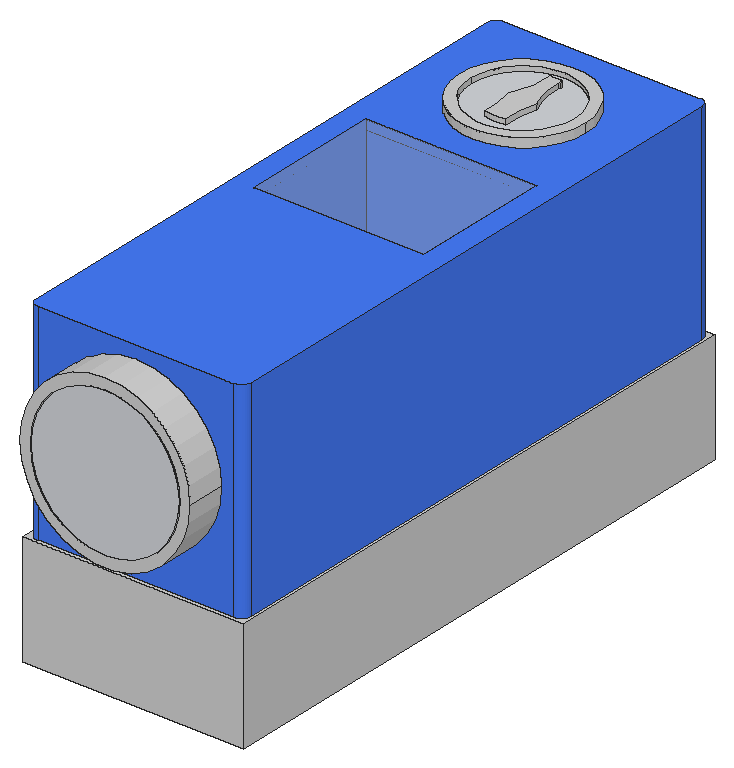
Revit family "Building-IEC309Connections-GEWISS-66IB-INTERLOCKED-SOCKET-OUTLETS-HD_IP66_WITH_BOTTOM_MOD", category Apparecchi elettrici, host Superficie, Revit 2019
Family settings
  Host = Superficie
  Mantenere orientamento annotazione = Sì
  Quota connettore circolare = Usa diametro
  Tipo di parte = Normale
  Taglio con vuoti quando caricato = Sì
  Condiviso = Sì
  Punto di calcolo locali = Sì
Parameters (values of type "GW66996 - I.SOCKET IP66 W.B.3P+E 32A 380V 3H M.D")
  volt = 0 V
  vetro = Default - Vetro
  presa = Grigio RAL - 7035
  n_poli = 1
  giallo = 0 mm
  dist_piano [instance] = 0 mm
  Working temperature = "-25 ÷ +40 °C"
  With back-mounting box = "Yes"
  Vista_2d_pianta [instance] = yes
  Version file RFA = "21.4"
  URL = "https://www.gewiss.com/ww/en"
  Typology = "Vertical"
  Type of use = "Heavy duty"
  Thermo-pressure with ball = "80 °C"
  Technical sheet = "https://www.gewiss.com/ww/en/search?q=GW66996"
  Struttura = Grigio RAL - 7035
  Simbolo presa = PRESAINDSTAGNA : 3P
  Simbolo [instance] = no
  Simb_circuito [instance] = not(Simbolo)  # yes
  Shock resistance = "> IK10"
  SEO = "Socket outlet"
  Reference h = "3"
  Realized by GEWISS S.p.A. = ""
  Rated voltage = "380-440V"
  Rated frequency (Hz) = "50/60 Hz"
  Rated current (In) = "32"
  Rated current (A) = "32"
  Protection = "Suitable for modular apps. (6M)"
  Default Elevation = 1219.2 mm
  Produttore = "GEWISS S.p.A."
  Operating temperature: = "-25 +40 °C"
  Number of poles = "3P+E"
  No. of poles = "3P+E"
  Modello = "GW66996"
  Impact resistance at -20 Â°C = "20J"
  Immagine tipo = P.jpg
  IP degree = "IP66"
  IDT = "36f26d0b-1d1d-4264-adab-7a637a1285dc"
  IDF = "24d74994-0ea8-4b8f-ac73-b070467ae3ef"
  Glow wire test: = "850 °C"
  Glow Wire Test = "850 °C"
  Frequency = "50/60 Hz"
  Electrocod = "2222"
  EAN code = "8011564074576"
  Distanza x [instance] = 500 mm
  Distanza orizzontale simbolo [instance] = 0 mm
  Distanza effettiva x [instance] = 1500 mm - Distanza x  # 1000 mm
  Descrizione = "I.SOCKET IP66 W.B.3P+E 32A 380V 3H M.D"
  Corpo presa = Light Blue
  Cornice simbolo [instance] = yes
  Colour: = "Red"
  Colour = "Red"
  Catalogue Range = "66 IB"
  Catalogue = "BUILDING"
  COBie.Tagnumber = ""
  COBie.CreatedOn = ""
  COBie.CreatebBy = ""
  COBie.ComponentRegisterItemID = ""
  COBie.Component.TagNumber = ""
  COBie.Component.Space = ""
  COBie.Component.SerialNumber = ""
  COBie.Component.InstallationDate = ""
  COBie.Component.Description = ""
  COBie.Component.BarCode = ""
Types (34, lengths in mm): name | Technical sheet | Reference h | Rated voltage | Rated current (In) | Rated current (A) | Number of poles | No. of poles | Modello | IDT | EAN code | Descrizione | Colour: | Colour
  GW66974 - I.SOCKET IP66 W.B.2P+E 16A 110V 4H M.D | "https://www.gewiss.com/ww/en/search?q=GW66974" | "4" | "100-130V" | "16" | "16" | "2P+E" | "2P+E" | "GW66974" | "08b205ea-2e7e-487f-822b-4f188cd9e3b1" | "8011564074255" | "I.SOCKET IP66 W.B.2P+E 16A 110V 4H M.D" | "Yellow" | "Yellow"
  GW66975 - I.SOCKET IP66 W.B.3P+E 16A 110V 4H M.D | "https://www.gewiss.com/ww/en/search?q=GW66975" | "4" | "100-130V" | "16" | "16" | "3P+E" | "3P+E" | "GW66975" | "d01ae3a1-a303-4ecb-a038-376fb09d0159" | "8011564074286" | "I.SOCKET IP66 W.B.3P+E 16A 110V 4H M.D" | "Yellow" | "Yellow"
  GW66976 - I.SOCKET IP66 W.B.3P+N+E 16A 110V 4H M.D | "https://www.gewiss.com/ww/en/search?q=GW66976" | "4" | "100-130V" | "16" | "16" | "3P+N+E" | "3P+N+E" | "GW66976" | "f3f330ef-9319-4f09-a519-1bd68ccd7a2d" | "8011564074309" | "I.SOCKET IP66 W.B.3P+N+E 16A 110V 4H M.D" | "Yellow" | "Yellow"
  GW66977 - I.SOCKET IP66 W.B.2P+E 16A 230V 6H M.D | "https://www.gewiss.com/ww/en/search?q=GW66977" | "6" | "200-250V" | "16" | "16" | "2P+E" | "2P+E" | "GW66977" | "0cb269c0-6ba5-494f-9f28-64f0ff7173ba" | "8011564074323" | "I.SOCKET IP66 W.B.2P+E 16A 230V 6H M.D" | "Blue" | "Blue"
  GW66978 - I.SOCKET IP66 W.B.3P+E 16A 230V 9H M.D | "https://www.gewiss.com/ww/en/search?q=GW66978" | "9" | "200-250V" | "16" | "16" | "3P+E" | "3P+E" | "GW66978" | "e833b2b1-5028-4a56-80da-a03921cb1113" | "8011564074347" | "I.SOCKET IP66 W.B.3P+E 16A 230V 9H M.D" | "Blue" | "Blue"
  GW66979 - I.SOCKET IP66 W.B.3P+N+E 16A 230V 9H M.D | "https://www.gewiss.com/ww/en/search?q=GW66979" | "9" | "200-250V" | "16" | "16" | "3P+N+E" | "3P+N+E" | "GW66979" | "679b90f0-3e6b-4f2a-a97f-5a3800988bb9" | "8011564074361" | "I.SOCKET IP66 W.B.3P+N+E 16A 230V 9H M.D" | "Blue" | "Blue"
  GW66980 - I.SOCKET IP66 W.B.2P+E 16A 400V 9H M.D | "https://www.gewiss.com/ww/en/search?q=GW66980" | "9" | "380-415V" | "16" | "16" | "2P+E" | "2P+E" | "GW66980" | "582f2ed5-a5cd-4735-bce5-f150eb3f9465" | "8011564074378" | "I.SOCKET IP66 W.B.2P+E 16A 400V 9H M.D" | "Red" | "Red"
  GW66981 - I.SOCKET IP66 W.B.3P+E 16A 400V 6H M.D | "https://www.gewiss.com/ww/en/search?q=GW66981" | "6" | "380-415V" | "16" | "16" | "3P+E" | "3P+E" | "GW66981" | "2ea588cc-cbfb-4aac-8a3f-623707701ec5" | "8011564074392" | "I.SOCKET IP66 W.B.3P+E 16A 400V 6H M.D" | "Red" | "Red"
  GW66982 - I.SOCKET IP66 W.B.3P+N+E 16A 400V 6H M.D | "https://www.gewiss.com/ww/en/search?q=GW66982" | "6" | "380-415V" | "16" | "16" | "3P+N+E" | "3P+N+E" | "GW66982" | "192d0f5f-767a-47bf-bda9-9ea6bd9dde45" | "8011564074415" | "I.SOCKET IP66 W.B.3P+N+E 16A 400V 6H M.D" | "Red" | "Red"
  GW66983 - I.SOCKET IP66 W.B.3P+E 16A 500V 7H M.D | "https://www.gewiss.com/ww/en/search?q=GW66983" | "7" | "480-500V" | "16" | "16" | "3P+E" | "3P+E" | "GW66983" | "9a2b648c-12f1-428a-bdf5-76788138ac0d" | "8011564074439" | "I.SOCKET IP66 W.B.3P+E 16A 500V 7H M.D" | "Black" | "Black"
  GW66984 - I.SOCKET IP66 W.B.3P+N+E 16A 500V 7H M.D | "https://www.gewiss.com/ww/en/search?q=GW66984" | "7" | "480-500V" | "16" | "16" | "3P+N+E" | "3P+N+E" | "GW66984" | "ba485b69-e735-44c4-a210-da673bb78813" | "8011564074453" | "I.SOCKET IP66 W.B.3P+N+E 16A 500V 7H M.D" | "Black" | "Black"
  GW66985 - I.SOCKET IP66 W.B.2P+E 32A 110V 4H M.D | "https://www.gewiss.com/ww/en/search?q=GW66985" | "4" | "100-130V" | "32" | "32" | "2P+E" | "2P+E" | "GW66985" | "03874a7a-3aff-4dde-bab3-5d288d287e6d" | "8011564074460" | "I.SOCKET IP66 W.B.2P+E 32A 110V 4H M.D" | "Yellow" | "Yellow"
  GW66986 - I.SOCKET IP66 W.B.3P+E 32A 110V 4H M.D | "https://www.gewiss.com/ww/en/search?q=GW66986" | "4" | "100-130V" | "32" | "32" | "3P+E" | "3P+E" | "GW66986" | "185d7795-b09c-4809-80d1-09ad44e3a7e3" | "8011564074477" | "I.SOCKET IP66 W.B.3P+E 32A 110V 4H M.D" | "Yellow" | "Yellow"
  GW66987 - I.SOCKET IP66 W.B.3P+N+E 32A 110V 4H M.D | "https://www.gewiss.com/ww/en/search?q=GW66987" | "4" | "100-130V" | "32" | "32" | "3P+N+E" | "3P+N+E" | "GW66987" | "cf6b0cdc-9887-481b-94a6-c70383e61d77" | "8011564074484" | "I.SOCKET IP66 W.B.3P+N+E 32A 110V 4H M.D" | "Yellow" | "Yellow"
  GW66988 - I.SOCKET IP66 W.B.2P+E 32A 230V 6H M.D | "https://www.gewiss.com/ww/en/search?q=GW66988" | "6" | "200-250V" | "32" | "32" | "2P+E" | "2P+E" | "GW66988" | "266de435-658e-4453-87f9-5740f768d2bb" | "8011564074491" | "I.SOCKET IP66 W.B.2P+E 32A 230V 6H M.D" | "Blue" | "Blue"
  GW66989 - I.SOCKET IP66 W.B.3P+E 32A 230V 9H M.D | "https://www.gewiss.com/ww/en/search?q=GW66989" | "9" | "200-250V" | "32" | "32" | "3P+E" | "3P+E" | "GW66989" | "99b8ad80-d3be-4ff0-961d-42c51e5615d2" | "8011564074507" | "I.SOCKET IP66 W.B.3P+E 32A 230V 9H M.D" | "Blue" | "Blue"
  GW66990 - I.SOCKET IP66 W.B.3P+N+E 32A 230V 9H M.D | "https://www.gewiss.com/ww/en/search?q=GW66990" | "9" | "200-250V" | "32" | "32" | "3P+N+E" | "3P+N+E" | "GW66990" | "78f294ba-a3a3-40a8-8935-13e2f8d12972" | "8011564074514" | "I.SOCKET IP66 W.B.3P+N+E 32A 230V 9H M.D" | "Blue" | "Blue"
  GW66991 - I.SOCKET IP66 W.B.2P+E 32A 400V 9H M.D | "https://www.gewiss.com/ww/en/search?q=GW66991" | "9" | "380-415V" | "32" | "32" | "2P+E" | "2P+E" | "GW66991" | "a62a99a2-2ddc-4c3f-ace8-0eb3d0f628a4" | "8011564074521" | "I.SOCKET IP66 W.B.2P+E 32A 400V 9H M.D" | "Red" | "Red"
  GW66992 - I.SOCKET IP66 W.B.3P+E 32A 400V 6H M.D | "https://www.gewiss.com/ww/en/search?q=GW66992" | "6" | "380-415V" | "32" | "32" | "3P+E" | "3P+E" | "GW66992" | "47b25866-07b7-4c2c-9ac0-23b2f5bd138f" | "8011564074538" | "I.SOCKET IP66 W.B.3P+E 32A 400V 6H M.D" | "Red" | "Red"
  GW66993 - I.SOCKET IP66 W.B.3P+N+E 32A 400V 6H M.D | "https://www.gewiss.com/ww/en/search?q=GW66993" | "6" | "380-415V" | "32" | "32" | "3P+N+E" | "3P+N+E" | "GW66993" | "a697eaae-6394-427c-bb41-59308f388dae" | "8011564074545" | "I.SOCKET IP66 W.B.3P+N+E 32A 400V 6H M.D" | "Red" | "Red"
  GW66994 - I.SOCKET IP66 W.B.3P+E 32A 500V 7H M.D | "https://www.gewiss.com/ww/en/search?q=GW66994" | "7" | "480-500V" | "32" | "32" | "3P+E" | "3P+E" | "GW66994" | "09554a74-fb5b-416f-883d-9be281655686" | "8011564074552" | "I.SOCKET IP66 W.B.3P+E 32A 500V 7H M.D" | "Black" | "Black"
  GW66995 - I.SOCKET IP66 W.B.3P+N+E 32A 500V 7H M.D | "https://www.gewiss.com/ww/en/search?q=GW66995" | "7" | "480-500V" | "32" | "32" | "3P+N+E" | "3P+N+E" | "GW66995" | "92f55f58-4e31-46eb-8480-01bcdf3f80de" | "8011564074569" | "I.SOCKET IP66 W.B.3P+N+E 32A 500V 7H M.D" | "Black" | "Black"
  GW66996 - I.SOCKET IP66 W.B.3P+E 32A 380V 3H M.D | "https://www.gewiss.com/ww/en/search?q=GW66996" | "3" | "380-440V" | "32" | "32" | "3P+E" | "3P+E" | "GW66996" | "36f26d0b-1d1d-4264-adab-7a637a1285dc" | "8011564074576" | "I.SOCKET IP66 W.B.3P+E 32A 380V 3H M.D" | "Red" | "Red"
  GW66866 - I.SOCKET IP66 W.B.2P+E 63A 110V 4H M.D | "https://www.gewiss.com/ww/en/search?q=GW66866" | "4" | "100-130V" | "63" | "63" | "2P+E" | "2P+E" | "GW66866" | "303355d0-cf38-47a3-a1ae-8a44fb8bf22f" | "8011564067479" | "I.SOCKET IP66 W.B.2P+E 63A 110V 4H M.D" | "Yellow" | "Yellow"
  GW66867 - I.SOCKET IP66 W.B.3P+E 63A 110V 4H M.D | "https://www.gewiss.com/ww/en/search?q=GW66867" | "4" | "100-130V" | "63" | "63" | "3P+E" | "3P+E" | "GW66867" | "b7ccdc4d-8d7e-41dd-b714-8d70a4305df5" | "8011564067486" | "I.SOCKET IP66 W.B.3P+E 63A 110V 4H M.D" | "Yellow" | "Yellow"
  GW66868 - I.SOCKET IP66 W.B.3P+N+E 63A 110V 4H M.D | "https://www.gewiss.com/ww/en/search?q=GW66868" | "4" | "100-130V" | "63" | "63" | "3P+N+E" | "3P+N+E" | "GW66868" | "05f092d1-ab11-4f9d-be56-0147e050398c" | "8011564067493" | "I.SOCKET IP66 W.B.3P+N+E 63A 110V 4H M.D" | "Yellow" | "Yellow"
  GW66869 - I.SOCKET IP66 W.B.2P+E 63A 230V 6H M.D | "https://www.gewiss.com/ww/en/search?q=GW66869" | "6" | "200-250V" | "63" | "63" | "2P+E" | "2P+E" | "GW66869" | "c554d55b-f100-44f4-bb13-7d9d56e4eded" | "8011564067509" | "I.SOCKET IP66 W.B.2P+E 63A 230V 6H M.D" | "Blue" | "Blue"
  GW66870 - I.SOCKET IP66 W.B.3P+E 63A 230V 9H M.D | "https://www.gewiss.com/ww/en/search?q=GW66870" | "9" | "200-250V" | "63" | "63" | "3P+E" | "3P+E" | "GW66870" | "52b39002-d841-4e22-8601-8b9fef486832" | "8011564067516" | "I.SOCKET IP66 W.B.3P+E 63A 230V 9H M.D" | "Blue" | "Blue"
  GW66871 - I.SOCKET IP66 W.B.3P+N+E 63A 230V 9H M.D | "https://www.gewiss.com/ww/en/search?q=GW66871" | "9" | "200-250V" | "63" | "63" | "3P+N+E" | "3P+N+E" | "GW66871" | "5512ebd7-399b-4556-9ac3-65fac533f648" | "8011564067523" | "I.SOCKET IP66 W.B.3P+N+E 63A 230V 9H M.D" | "Blue" | "Blue"
  GW66872 - I.SOCKET IP66 W.B.2P+E 63A 400V 6H M.D | "https://www.gewiss.com/ww/en/search?q=GW66872" | "9" | "380-415V" | "63" | "63" | "2P+E" | "2P+E" | "GW66872" | "b55304b8-86f4-4085-8eaa-ce4be1e750a2" | "8011564067530" | "I.SOCKET IP66 W.B.2P+E 63A 400V 6H M.D" | "Red" | "Red"
  GW66873 - I.SOCKET IP66 W.B.3P+E 63A 400V 6H M.D | "https://www.gewiss.com/ww/en/search?q=GW66873" | "6" | "380-415V" | "63" | "63" | "3P+E" | "3P+E" | "GW66873" | "03adb62b-1649-4be8-83db-d9f9696d3895" | "8011564067554" | "I.SOCKET IP66 W.B.3P+E 63A 400V 6H M.D" | "Red" | "Red"
  GW66874 - I.SOCKET IP66 W.B.3P+N+E 63A 400V 6H M.D | "https://www.gewiss.com/ww/en/search?q=GW66874" | "6" | "380-415V" | "63" | "63" | "3P+N+E" | "3P+N+E" | "GW66874" | "456db83d-6b3d-4b8c-a591-cf1e2d86a527" | "8011564067578" | "I.SOCKET IP66 W.B.3P+N+E 63A 400V 6H M.D" | "Red" | "Red"
  GW66875 - I.SOCKET IP66 W.B.3P+E 63A 500V 7H M.D | "https://www.gewiss.com/ww/en/search?q=GW66875" | "7" | "480-500V" | "63" | "63" | "3P+E" | "3P+E" | "GW66875" | "084f0b06-bde3-4021-9015-ef18884325c6" | "8011564067592" | "I.SOCKET IP66 W.B.3P+E 63A 500V 7H M.D" | "Black" | "Black"
  GW66876 - I.SOCKET IP66 W.B.3P+N+E 63A 500V 7H M.D | "https://www.gewiss.com/ww/en/search?q=GW66876" | "7" | "480-500V" | "63" | "63" | "3P+N+E" | "3P+N+E" | "GW66876" | "9d8ce14a-7fb8-450f-bb9e-744a01970745" | "8011564067608" | "I.SOCKET IP66 W.B.3P+N+E 63A 500V 7H M.D" | "Black" | "Black"
Reference planes
  plane 1 "Centro (Fronte/Retro)": y = 0
  plane 2: z = 0
  plane 3 "Centro (Sinistra/Destra)": x = 0
  plane 4: z = -2
  plane 5: x = -500
  plane 6: x = -1500
  plane 7: x = -500
  plane 8: through (-170.762, -4572, -38.353) normal (-0.6157, 0, 0.788)
  plane 9: x = -51.152
  plane 10: x = 53.222
  plane 11: z = -2
  plane 12: x = -74
  plane 13: x = 74
  plane 14: y = 392
  plane 15: y = -2
Forms (mm)
  Extrusion 1, solid, material "Grigio RAL - 7035" <- "Struttura"
    sketch origin (0, 0, 0) x (1, 0, 0) y (0, 1, 0)
      loop
        line (-74, 392) -> (-74, -2) -> (74, -2) -> (74, 392) -> (-74, 392)
    from -2 to 73
Lines and regions (mm)
  Masking region 1, visible <- "Vista_2d_pianta"
    outline origin (0, 0, 0) x (1, 0, 0) y (0, 0, 1)
  Masking region 2, visible <- "Vista_2d_pianta"
    outline origin (0, 0, 0) x (1, 0, 0) y (0, 0, 1)
      loop
        line (-74, 0) -> (74, 0) -> (74, 219) -> (-74, 219) -> (-74, 0)
Dimensions and locks
  locked: plane 2 to plane 4 at 2
  "Distanza effettiva x": plane 5 to plane 6
  plane 3 "Centro (Sinistra/Destra)" to plane 6 = 1500 mm
  plane 6 to plane 5 = 1000 mm
  "Distanza effettiva x": plane 6 to plane 7
  locked: plane 15 to plane 1 "Centro (Fronte/Retro)" at 2
  locked: plane 12 to nested 1 at 2
  locked: nested 1 to plane 13 at 2
  locked: plane 14 to nested 1 at 2
  locked: Extrusion 1 to plane 11 at 75
  "dist_piano": plane 11 to plane 4
  angle plane 8 to plane 4 = 142.00°
  angle plane 7 to plane 8 = 128.00°
  aligned and locked: plane 2 to host face
  aligned and locked: level to host face
  aligned and locked: plane 3 "Centro (Sinistra/Destra)" to nested 1
  aligned and locked: plane 7 to nested 2
  aligned and locked: plane 7 to nested 3
  aligned and locked: Extrusion 1 sketch curve to plane 12
  aligned and locked: Extrusion 1 sketch curve to plane 14
  aligned and locked: Extrusion 1 sketch curve to plane 13
  aligned and locked: Extrusion 1 sketch curve to plane 15
  aligned and locked: Extrusion 1 to nested 1
  aligned and locked: Extrusion 1 to plane 11
  aligned and locked: Masking region 2 to plane 12
  aligned and locked: plane 13 to Masking region 2
  aligned and locked: Masking region 2 to level
  aligned and locked: Masking region 2 to nested 1
Automatic sketch dimensions
  host sketch curve to host sketch curve = 2438.4 mm  (x2)
  Masking region 2 sketch curve to plane 10 = 20.778 mm
  plane 9 to Masking region 2 sketch curve = 22.848 mm
  level to Masking region 2 sketch curve = 0 mm
  Masking region 2 sketch curve to Masking region 2 sketch curve = 219 mm
Nested families
  nested 1: "GW66866_master" at (0, 0, -2), type "GW66866_master", detail levels medium+fine
  nested 2: "simbolo_circuito" at (-500, 30.442, 0), Distanza dal muro <- "Distanza orizzontale simbolo", SIMBOLO ACCESO <- "Simb_circuito", type "3P"
    with SIMBOLO ACCESO yes, Distanza dal muro 0 mm, BORDO ACCESO yes
  nested 3: "PRESAINDSTAGNA" at (-500, 23.722, 0), Distanza dal muro <- "Distanza orizzontale simbolo", SIMBOLO ACCESO <- "Simbolo", type "3P"
    with SIMBOLO ACCESO no, Distanza dal muro 0 mm, BORDO ACCESO yes
Connectors
  electrical at (0, -26, 147.929), driven by "n_poli", driven by "volt"
    settings: on nested 1, index 1, voltage 0 V, apparent load 0 VA, apparent load phase1 0 VA, apparent load phase2 0 VA, apparent load phase3 0 VA, power factor 1, load classification "Altro", number of poles 1, system type 31, power factor state 1, is connector primary yes, connector utility no, sub classification motor no, connector description ""
Definition of nested family "GW66866_master"
  Parameters (values of type "GW66866_master")
    w = 144 mm
    d_piano = 75 mm
    corpo presa = none
    Vetro = none
    Struttura = none
    Spessore = 30 mm
    Raggio = 40 mm
    Default Elevation = 14 mm
    Presa = none
    Lunghezza = 103 mm
    IFC.TypeObject = ""
    IFC.ExportType = ""
    IFC.ExportAs = ""
    H_da terra = 586.883 mm
    COBie.CreatedOn = ""
    COBie.CreatebBy = ""
    COBie.ComponentRegisterItemID = ""
    COBie.Component.TagNumber = ""
    COBie.Component.Space = ""
    COBie.Component.SerialNumber = ""
    COBie.Component.InstallationDate = ""
    COBie.Component.Description = ""
    COBie.Component.BarCode = ""
    Altezza = 390 mm
  Reference planes
    plane 1 "Centro (Fronte/Retro)": y = 0
    plane 2: z = 0
    plane 3 "Centro (Sinistra/Destra)": x = 0
    plane 4 "presa": z = 231
    plane 5: z = 221
    plane 6: z = 215
    plane 7: x = -72
    plane 8: x = 72
    plane 9: y = 390
    plane 10: y = 0
    plane 11: y = 324
    plane 12: z = 218
    plane 13: y = 217
    plane 14: x = -57
    plane 15: x = 57
    plane 16: y = 264
    plane 17: y = 170
    plane 18: z = 84.858
    plane 19: z = 208.562
    plane 20: z = 75
    plane 21: z = 149.929
    plane 22 "presa fronte": y = -26
  Forms (mm)
    Extrusion 1, solid, material <- "Struttura"
      sketch origin (0, -427.104, -30) x (1, 0, 0) y (0, 1, 0)
        loop
          circle (0, 751.104) r 34.75
        loop
          circle (0, 751.104) r 42.079
      from 245 to 251
    Extrusion 2, solid, material <- "Struttura"
      sketch origin (0, -427.104, -30) x (1, 0, 0) y (0, 1, 0)
        loop
          arc (-9.552, 750.899) -> (-7.429, 739.645) -> (-7.314, 728.193) r 64.983
          arc (-7.314, 728.193) -> (-0.131, 727.067) -> (7.064, 728.115) r 24.316
          arc (7.064, 728.115) -> (7.302, 739.566) -> (9.547, 750.796) r 64.983
          arc (9.547, 750.796) -> (5.519, 762.425) -> (4.215, 774.661) r 54.251
          line (4.215, 774.661) -> (4.25, 777.658)
          arc (4.25, 777.658) -> (3.985, 778.329) -> (3.336, 778.647) r 1
          arc (3.336, 778.647) -> (0.147, 778.794) -> (-3.043, 778.682) r 39.364
          arc (-3.043, 778.682) -> (-3.695, 778.371) -> (-3.967, 777.702) r 1
          line (-3.967, 777.702) -> (-3.964, 774.706)
          arc (-3.964, 774.706) -> (-5.4, 762.483) -> (-9.552, 750.899) r 54.251
      from 245 to 251
    Extrusion 3, solid, material <- "corpo presa"
      sketch origin (-2.5, -699.604, -30) x (1, 0, 0) y (0, 1, 0)
        loop
          arc (74.5, 1083.298) -> (72.653, 1087.757) -> (68.194, 1089.604) r 6.306
          line (68.194, 1089.604) -> (-63.194, 1089.604)
          arc (-63.194, 1089.604) -> (-67.653, 1087.757) -> (-69.5, 1083.298) r 6.306
          line (-69.5, 1083.298) -> (-69.5, 706.118)
          arc (-69.5, 706.118) -> (-67.592, 701.512) -> (-62.985, 699.604) r 6.515
          line (-62.985, 699.604) -> (67.985, 699.604)
          arc (67.985, 699.604) -> (72.592, 701.512) -> (74.5, 706.118) r 6.515
          line (74.5, 706.118) -> (74.5, 1083.298)
      from 105 to 245
    Extrusion 4, solid
      sketch origin (0, 0, 231) x (0, -1, 0) y (1, 0, 0)
        loop
          circle (-324, 0) r 34.75
      from -16 to -13
    Extrusion 5, void
      sketch origin (0, 0, 231) x (0, -1, 0) y (1, 0, 0)
        loop
          line (-170, -57) -> (-170, 57) -> (-264, 57) -> (-264, -57) -> (-170, -57)
      from -146.142 to -16
    Extrusion 6, solid, material <- "Vetro"
      sketch origin (0, 0, 231) x (0, -1, 0) y (1, 0, 0)
        loop
          line (-170, -57) -> (-170, 57) -> (-264, 57) -> (-264, -57) -> (-170, -57)
      from -22.438 to -16
    Extrusion 7, solid, material <- "Presa"
      sketch origin (0, 0, 0) x (1, 0, 0) y (0, 0, 1)
        loop
          circle (0, 149.929) r 57
        loop
          circle (0, 149.929) r 50
      from 0 to 26
    Extrusion 8, solid
      sketch origin (0, 0, 0) x (1, 0, 0) y (0, 0, 1)
        loop
          circle (0, 149.929) r 50
      from 0 to 26
  Cuts and joins
    Extrusion 5 cuts Extrusion 3
  Lines and regions (mm)
    symbolic lines
      curve 1: line (0, -26, 199.929) -> (0, -26, 99.929)
      curve 2: line (50, -26, 149.929) -> (-50, -26, 149.929)
  Dimensions and locks
    locked: plane 5 to plane 4 "presa" at 10
    locked: plane 6 to plane 5 at 6
    equal spacing: plane 7, plane 3 "Centro (Sinistra/Destra)", plane 8
    "w": plane 7 to plane 8
    "Altezza": plane 1 "Centro (Fronte/Retro)" to plane 9
    locked: plane 9 to plane 11 at 66
    locked: plane 12 to plane 6 at 3
    locked: plane 9 to plane 13 at 173
    equal spacing: plane 14, plane 3 "Centro (Sinistra/Destra)", plane 15
    plane 14 to plane 15 = 114 mm
    equal spacing: plane 16, plane 13, plane 17
    locked: plane 16 to plane 17 at 94
    locked: plane 6 to plane 19 at 6.438
    plane 6 to plane 20 = 140 mm
    "d_piano": plane 20 to level
    locked: plane 18 to plane 20 at 9.858
    locked: plane 22 "presa fronte" to plane 10 at 26
    diameter of Extrusion 1 sketch curve = 69.5 mm
    radius of Extrusion 4 sketch curve = 34.75 mm
    aligned and locked: level to plane 2
    aligned and locked: Extrusion 1 to Extrusion 3
    aligned and locked: Extrusion 2 to Extrusion 1
    aligned and locked: Extrusion 1 to Extrusion 2
    aligned and locked: Extrusion 3 to plane 6
    aligned and locked: Extrusion 1 to plane 5
    aligned and locked: Extrusion 3 sketch curve to plane 7
    aligned and locked: Extrusion 3 sketch curve to plane 8
    aligned and locked: Extrusion 3 sketch curve to plane 9
    aligned and locked: plane 10 to Extrusion 3 sketch curve
    aligned and locked: plane 10 to plane 1 "Centro (Fronte/Retro)"
    aligned and locked: plane 11 to Extrusion 1 sketch curve
    aligned and locked: plane 3 "Centro (Sinistra/Destra)" to Extrusion 1 sketch curve
    aligned and locked: plane 3 "Centro (Sinistra/Destra)" to Extrusion 4 sketch curve
    aligned and locked: plane 11 to Extrusion 4 sketch curve
    aligned and locked: plane 6 to Extrusion 4
    aligned and locked: plane 12 to Extrusion 4
    aligned and locked: Extrusion 5 sketch curve to plane 14
    aligned and locked: Extrusion 5 sketch curve to plane 17
    aligned and locked: Extrusion 5 sketch curve to plane 15
    aligned and locked: Extrusion 5 sketch curve to plane 16
    aligned and locked: Extrusion 5 to plane 18
    aligned and locked: Extrusion 5 to plane 6
    aligned and locked: Extrusion 6 sketch curve to plane 14
    aligned and locked: Extrusion 6 sketch curve to plane 17
    aligned and locked: Extrusion 6 sketch curve to plane 16
    aligned and locked: Extrusion 6 sketch curve to plane 15
    aligned and locked: Extrusion 6 to plane 19
    aligned and locked: Extrusion 6 to plane 6
    aligned and locked: plane 20 to cut or joined group of Extrusion 3, Extrusion 5
    aligned and locked: plane 3 "Centro (Sinistra/Destra)" to Extrusion 7 sketch curve
    aligned and locked: plane 21 to Extrusion 7 sketch curve
    aligned and locked: Extrusion 7 to plane 22 "presa fronte"
    aligned and locked: plane 3 "Centro (Sinistra/Destra)" to Extrusion 8 sketch curve
    aligned and locked: plane 21 to Extrusion 8 sketch curve
    aligned and locked: Extrusion 8 to plane 1 "Centro (Fronte/Retro)"
    aligned and locked: Extrusion 8 to plane 22 "presa fronte"
    aligned and locked: plane 3 "Centro (Sinistra/Destra)" to curve 1
    aligned and locked: curve 2 to plane 21
  Automatic sketch dimensions
    Extrusion 2 sketch curve to plane 3 "Centro (Sinistra/Destra)" = 0 mm
    Extrusion 2 sketch curve to plane 3 "Centro (Sinistra/Destra)" = 0.064 mm
    Extrusion 2 sketch curve to plane 3 "Centro (Sinistra/Destra)" = 2.967 mm
    Extrusion 2 sketch curve to Extrusion 2 sketch curve = 0.997 mm
    Extrusion 2 sketch curve to Extrusion 2 sketch curve = 1 mm  (x2)
    Extrusion 2 sketch curve to Extrusion 2 sketch curve = 54.251 mm
    Extrusion 2 sketch curve to Extrusion 2 sketch curve = 13.883 mm
    plane 3 "Centro (Sinistra/Destra)" to Extrusion 2 sketch curve = 3.25 mm
    Extrusion 2 sketch curve to Extrusion 2 sketch curve = 0.965 mm
    Extrusion 2 sketch curve to Extrusion 2 sketch curve = 54.25 mm
    Extrusion 2 sketch curve to Extrusion 2 sketch curve = 13.435 mm
    Extrusion 2 sketch curve to plane 1 "Centro (Fronte/Retro)" = 305.393 mm
    Extrusion 2 sketch curve to plane 1 "Centro (Fronte/Retro)" = 306.167 mm
    Extrusion 2 sketch curve to plane 1 "Centro (Fronte/Retro)" = 312.327 mm
    Extrusion 2 sketch curve to Extrusion 2 sketch curve = 11.953 mm
    Extrusion 2 sketch curve to Extrusion 2 sketch curve = 41.757 mm
    Extrusion 2 sketch curve to Extrusion 2 sketch curve = 23.278 mm
    Extrusion 2 sketch curve to Extrusion 2 sketch curve = 0.044 mm
    Extrusion 2 sketch curve to Extrusion 2 sketch curve = 41.61 mm
    Extrusion 2 sketch curve to Extrusion 2 sketch curve = 2.99 mm
    Extrusion 2 sketch curve to Extrusion 2 sketch curve = 0.007 mm
    Extrusion 2 sketch curve to Extrusion 2 sketch curve = 2.979 mm
    Extrusion 2 sketch curve to Extrusion 2 sketch curve = 0.018 mm
    Extrusion 2 sketch curve to Extrusion 2 sketch curve = 0 mm
    Extrusion 2 sketch curve to plane 3 "Centro (Sinistra/Destra)" = 7.314 mm
    Extrusion 2 sketch curve to Extrusion 2 sketch curve = 9.552 mm
    plane 3 "Centro (Sinistra/Destra)" to Extrusion 2 sketch curve = 7.064 mm
    Extrusion 3 sketch curve to Extrusion 3 sketch curve = 6.306 mm  (x2)
    Extrusion 3 sketch curve to Extrusion 3 sketch curve = 6.515 mm  (x2)
    Extrusion 1 sketch curve to Extrusion 1 sketch curve = 0 mm  (x2)
    Extrusion 7 sketch curve to Extrusion 7 sketch curve = 0 mm  (x2)
    plane 18 to curve 1 = 15.071 mm
    curve 1 to plane 19 = 8.633 mm
    curve 2 to plane 14 = 7 mm
    plane 15 to curve 2 = 7 mm
    radius of Extrusion 1 sketch curve = 42.079 mm
    radius of Extrusion 7 sketch curve = 57 mm
    radius of Extrusion 7 sketch curve = 50 mm
    radius of Extrusion 8 sketch curve = 50 mm
Definition of nested family "simbolo_circuito"
  Parameters (values of type "3P")
    SIMBOLO ACCESO [instance] = yes
    SIMBOLO = PRESAINDSTAGNA_BASE : 3P
    Distanza dal muro [instance] = 0 mm
    BORDO ACCESO [instance] = yes
  Reference planes
    plane 1: y = 0
    plane 2: x = 0
  Dimensions and locks
    "Distanza dal muro": plane 1 to nested 1
    aligned and locked: plane 2 to nested 1
  Nested families
    nested 1: "simb_base_di circuito" at (0, 0, 0), visible <- "SIMBOLO ACCESO", type "3P"
      with CORNICE SIMBOLO yes
  Definition of nested family "simb_base_di circuito"
    Parameters (values of type "3P")
      CORNICE SIMBOLO [instance] = yes
      3P = yes
    Types (2, lengths in mm): name | 3P
      3P | yes
      2P | no
    Reference planes
      plane 1: y = 0
      plane 2: x = 0
    Lines and regions (mm)
      detail lines, not visible
        curve 1: line (-2.443, 10.208, 0) -> (2.057, 10.208, 0)
        curve 2: line (2.057, 10.208, 0) -> (2.057, 4.208, 0)
        curve 3: line (2.057, 4.208, 0) -> (-2.443, 4.208, 0)
        curve 4: line (-2.443, 4.208, 0) -> (-2.443, 10.208, 0)
        curve 5: line (-2.043, 9.808, 0) -> (1.657, 9.808, 0)
        curve 6: line (1.657, 9.808, 0) -> (1.657, 4.608, 0)
        curve 7: line (1.657, 4.608, 0) -> (-2.043, 4.608, 0)
        curve 8: line (-2.043, 4.608, 0) -> (-2.043, 9.808, 0)
    Dimensions and locks
      aligned and locked: import instance to plane 2
      aligned and locked: plane 1 to import instance
Definition of nested family "PRESAINDSTAGNA"
  Parameters (values of type "3P")
    SIMBOLO ACCESO [instance] = yes
    SIMBOLO = PRESAINDSTAGNA_BASE : 3P
    Distanza dal muro [instance] = 0 mm
    BORDO ACCESO [instance] = yes
  Types (2): name
    2P
    3P
  Reference planes
    plane 1: y = 0
    plane 2: x = 0
  Dimensions and locks
    "Distanza dal muro": plane 1 to nested 1
    aligned and locked: plane 2 to nested 1
  Nested families
    nested 1: "PRESAINDSTAGNA_BASE" at (0, 0, 0), type <- "SIMBOLO", CORNICE SIMBOLO <- "BORDO ACCESO", visible <- "SIMBOLO ACCESO", type "3P"
  Definition of nested family "PRESAINDSTAGNA_BASE"
    Parameters (values of type "3P")
      CORNICE SIMBOLO [instance] = yes
      3P = yes
    Types (2, lengths in mm): name | 3P
      3P | yes
      2P | no
    Reference planes
      plane 1: y = 0
      plane 2: x = 0
    Lines and regions (mm)
      detail lines, not visible
        curve 1: line (-2.443, 10.208, 0) -> (2.057, 10.208, 0)
        curve 2: line (2.057, 10.208, 0) -> (2.057, 4.208, 0)
        curve 3: line (2.057, 4.208, 0) -> (-2.443, 4.208, 0)
        curve 4: line (-2.443, 4.208, 0) -> (-2.443, 10.208, 0)
        curve 5: line (-2.043, 9.808, 0) -> (1.657, 9.808, 0)
        curve 6: line (1.657, 9.808, 0) -> (1.657, 4.608, 0)
        curve 7: line (1.657, 4.608, 0) -> (-2.043, 4.608, 0)
        curve 8: line (-2.043, 4.608, 0) -> (-2.043, 9.808, 0)
      detail lines
        curve 9: line (-0.333, 0.928, 0) -> (-0.05, 0.928, 0)
        curve 10: line (-0.05, 0.928, 0) -> (0.417, 1.737, 0)
        curve 11: line (0.417, 1.737, 0) -> (0.764, 1.537, 0)
        curve 12: line (-0.05, 0.928, 0) -> (-0.333, 0.437, 0)
        curve 13: line (-0.333, 0.437, 0) -> (-0.333, 2.059, 0)
        curve 14: line (0.222, 1.399, 0) -> (0.569, 1.199, 0)
        curve 15: line (-0.723, 0.437, 0) -> (0.057, 0.437, 0)
        curve 16: line (-0.333, 0.81, 0) -> (-0.216, 0.928, 0)
        curve 17: line (-0.333, 0.741, 0) -> (-0.147, 0.928, 0)
        curve 18: line (-0.333, 0.672, 0) -> (-0.078, 0.928, 0)
        curve 19: line (-0.333, 0.603, 0) -> (-0.106, 0.831, 0)
        curve 20: line (-0.333, 0.534, 0) -> (-0.2, 0.668, 0)
        curve 22: arc (-0.723, 0.047, 0) -> (-0.333, 0.437, 0) -> (0.057, 0.047, 0) r 0.39
        curve 23: line (-0.8, 2.1, 0) -> (0.8, 2.1, 0)
        curve 24: line (-0.8, 0, 0) -> (-0.8, 2.1, 0)
        curve 25: line (0.8, 0, 0) -> (-0.8, 0, 0)
        curve 26: line (0.8, 2.1, 0) -> (0.8, 0, 0)
      detail lines, visible <- "3P"
        curve 21: line (0.028, 1.061, 0) -> (0.374, 0.861, 0)
